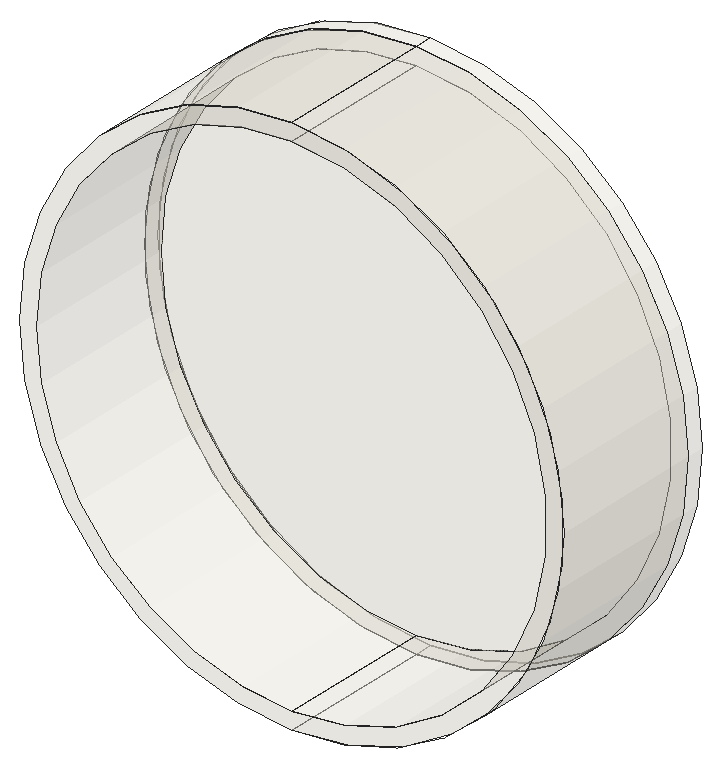
Revit family "M_Luminária de arandela - Redonda plana", category Luminárias, Revit 2019
Family settings
  Hospedeiro = Parede
  Cota do conector redondo = Utilizar diâmetro
  Tipo de parte = Normal
  Número OmniClass = 23.80.70.11.11
  Título OmniClass = General Luminaries, Non Directional
  ID de item do Seek = Sconce Light - Flat Round-0000-CAN-ENU
  Sempre na vertical = Sim
  Corte com vazios quando carregada = Não
  Fonte luminosa = Sim
  Compartilhado = Não
  Ponto de cálculo do ambiente = Não
Parameters (values of type "100W - 120V")
  Wattage = 100 W
  built-in parameter 1150110 = 1 (stored number, unit not read)
  built-in parameter 1114217 = 1 (stored number, unit not read)
  built-in parameter 1150109 = 1 (stored number, unit not read)
  built-in parameter 1150134 = 4
  built-in parameter 1150113 = 1 (stored number, unit not read)
  built-in parameter 1150115 = 1 (stored number, unit not read)
  built-in parameter 1150105 = 381.97 (stored number, unit not read)
  Classificação de carga = Iluminação - Unidade de interrupção
  Light Source Symbol Size = 609.6 mm
  built-in parameter 1150137 = 1
  built-in parameter 1150139 = (empty or 0)
  built-in parameter 1150112 = 1 (stored number, unit not read)
  built-in parameter 1150114 = 1 (stored number, unit not read)
  built-in parameter 1150132 = (empty or 0)
  built-in parameter 1150102 = (empty or 0)
  built-in parameter 1150138 = (empty or 0)
  built-in parameter 1150107 = 2800 (stored number, unit not read)
  built-in parameter 1150106 = 3.8197 (stored number, unit not read)
  built-in parameter 1150104 = 1.1148 (stored number, unit not read)
  Dimming Lamp Color Temperature Shift = (empty or 0)
  Color Filter = 16777215
  built-in parameter 1140040 [instance] = 1
  Voltagem do transformador = 120 V
  Transformador por número de postes = 1
  built-in parameter 1114218 = 1 (stored number, unit not read)
  built-in parameter 1150133 = 10 (stored number, unit not read)
  Código de montagem = "D5020220"
  Lâmpada = "R-30"
  Material de sombra = Vidro, Jateado
  Lumens = 1200 lm
  Altura de montagem = 1900 mm
  Raio = 200 mm
  Wattage Comments = ""
  Carga aparente = 100 VA
Types (5, lengths in mm): name | Wattage | built-in parameter 1150105 | built-in parameter 1150106 | built-in parameter 1150104 | Voltagem do transformador | Lâmpada | Lumens | Carga aparente
  (no name) | 100 W | 381.97 (stored number, unit not read) | 3.8197 (stored number, unit not read) | 1.1148 (stored number, unit not read) | 120 V | "R-30" | 1200 lm | 100 VA
  60W - 120V | 60 W | 272.15 (stored number, unit not read) | 2.7215 (stored number, unit not read) | 1.3239 (stored number, unit not read) | 120 V | "A-19" | 855 lm | 60 VA
  60W - 277V | 60 W | 272.15 (stored number, unit not read) | 2.7215 (stored number, unit not read) | 1.3239 (stored number, unit not read) | 277 V | "A-19" | 855 lm | 60 VA
  100W - 120V | 100 W | 381.97 (stored number, unit not read) | 3.8197 (stored number, unit not read) | 1.1148 (stored number, unit not read) | 120 V | "R-30" | 1200 lm | 100 VA
  100W - 277V | 100 W | 381.97 (stored number, unit not read) | 3.8197 (stored number, unit not read) | 1.1148 (stored number, unit not read) | 277 V | "R-30" | 1200 lm | 100 VA
Reference planes
  plane 1: y = 0
  plane 2 "Eixo de origem da luz": x = 0
  plane 3 "Elevação da origem da luz": z = 1900
  plane 4 "Eixo de origem da luz": y = 139.7
  plane 5: x = -200
  plane 6: x = 200
  plane 7: y = 76.2
Forms (mm)
  Extrusion 1, solid, material "Vidro, Jateado" <- "Material de sombra"
    sketch origin (-1524, 76.2, 0) x (-1, 0, 0) y (0, 0, 1)
      loop
        circle (-1524, 1900) r 200
      loop
        circle (-1524, 1900) r 187.518
    from 0 to 114.3
  Extrusion 2, solid, material "Vidro, Jateado" <- "Material de sombra"
    sketch origin (-1524, 190.5, 0) x (-1, 0, 0) y (0, 0, 1)
      loop
        circle (-1524, 1900) r 200
    from 0 to 12.7
Lines and regions (mm)
  Masking region 1
    outline origin (0, 0, 0) x (1, 0, 0) y (0, 1, 0)
      loop
        line (-200, 203.2) -> (-200, 76.2) -> (200, 76.2) -> (200, 203.2) -> (-200, 203.2)
  symbolic lines
    curve 1: line (-200, 203.2, 0) -> (200, 203.2, 0)
    curve 2: line (-200, 76.2, 0) -> (-200, 203.2, 0)
    curve 3: line (200, 76.2, 0) -> (-200, 76.2, 0)
    curve 4: line (200, 203.2, 0) -> (200, 76.2, 0)
  model lines, style "InvisibleLines"
    curve 5: line (0, 76.2, 1696.8) -> (0, 76.2, 0)
Text (mm)
  text "Parte frontal" at (0, 1019.848, 3124.603), in view "Direita"
  text "Parte frontal" at (-659.482, 723.012, 0), in view "Linha do piso"
  text "Parte frontal" at (0, 928.088, 2345.249), in view "Esquerda"
Dimensions and locks
  host wall to plane 4 "Eixo de origem da luz" = 63.5 mm
  "Raio": Extrusion 1 sketch curve to Extrusion 1 sketch curve
  "Altura de montagem": level to plane 3 "Elevação da origem da luz"
  "Raio": Extrusion 2 sketch curve to Extrusion 2 sketch curve
  "Raio": plane 2 "Eixo de origem da luz" to plane 6
  equal spacing: plane 5, plane 2 "Eixo de origem da luz", plane 6
  locked: host wall to plane 4 "Eixo de origem da luz" at 63.5
  aligned and locked: plane 7 to host wall
  aligned and locked: plane 5 to curve 2
  aligned and locked: Masking region 1 sketch curve to curve 1
  aligned and locked: Masking region 1 sketch curve to curve 2
  aligned and locked: Masking region 1 sketch curve to curve 4
  aligned and locked: Masking region 1 sketch curve to curve 3
  aligned and locked: plane 2 "Eixo de origem da luz" to imposter light
  aligned and locked: imposter light to plane 3 "Elevação da origem da luz"
  aligned and locked: plane 4 "Eixo de origem da luz" to imposter light
  aligned and locked: plane 3 "Elevação da origem da luz" to Extrusion 2 sketch curve
  aligned and locked: plane 2 "Eixo de origem da luz" to Extrusion 2 sketch curve
Automatic sketch dimensions
  curve 3 to host wall = 0 mm
  curve 3 to plane 6 = 0 mm
  curve 2 to plane 4 "Eixo de origem da luz" = 63.5 mm
  curve 5 to plane 2 "Eixo de origem da luz" = 0 mm
  curve 5 to level = 0 mm
  plane 3 "Elevação da origem da luz" to curve 5 = 203.2 mm
  Extrusion 1 sketch curve to Extrusion 1 sketch curve = 0 mm  (x12)
  Extrusion 1 sketch curve to plane 2 "Eixo de origem da luz" = 0 mm
  Extrusion 1 sketch curve to plane 3 "Elevação da origem da luz" = 0 mm
  Extrusion 1 sketch curve to Extrusion 1 sketch curve = 12.482 mm
Connectors
  electrical at (0, 190.5, 1900), driven by "Carga aparente", driven by "Voltagem do transformador", driven by "Transformador por número de postes", driven by "Classificação de carga"
    settings: on Extrusion 1, index 2, voltage 120 V, apparent load 0 VA, apparent load phase1 100 VA, apparent load phase2 0 VA, apparent load phase3 0 VA, power factor 0.95, load classification "Iluminação - Unidade de interrupção", number of poles 1, system type 31, power factor state 1, is connector primary yes, connector utility no, sub classification motor no, connector description ""
